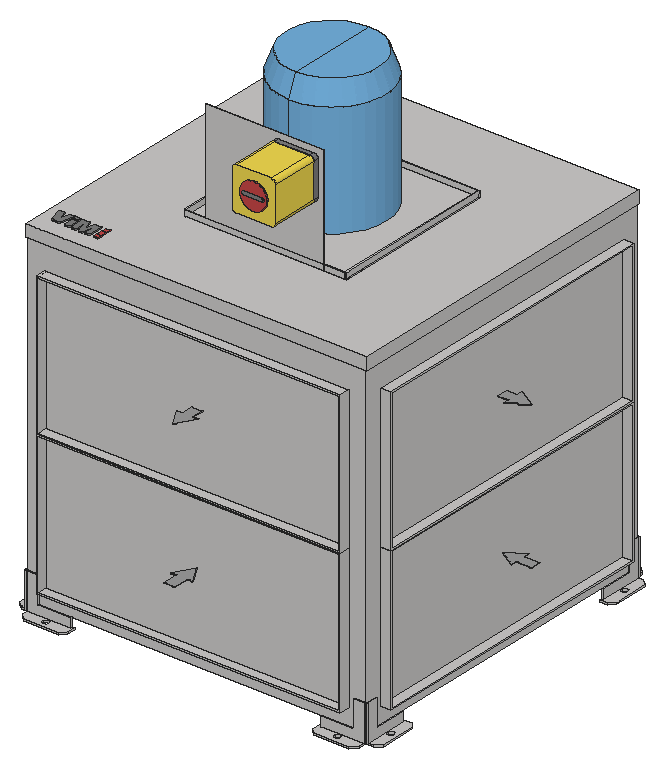
Revit family "BIM_KUBAIR F400 CC INTZ Vertical", category Equipement de génie climatique, Revit 2016 (continued)
Types (75, lengths in mm): name | Tension_nominale | Puissance_electrique | Prof_INTZ | Position_A_equerre | Poids | Nombre_de_phases | Modèle | L | H | GC | Debit_mini | Debit_maxi | D | Courant_nominal | Code_article | C | BVC | A
  KUBAIR F400 CC 500 4PT IE2 INTZ 1,5kW | 400 V | 1500 W | 120 | 175 | "114 Kg" | "3" | "KUBAIR F400 CC 500 4PT IE2 INTZ 1,5kW Caisson" | 351 | 402 | 62 | "1370 m³/h" | "8850 m³/h" | 768 | 3.26 A | "644665" | 338 | 784 | 858
  KUBAIR F400 CC 500 4PT IE3 INTZ 1,5kW | 400 V | 1500 W | 120 | 175 | "114 Kg" | "3" | "KUBAIR F400 CC 500 4PT IE3 INTZ 1,5kW Caisson" | 351 | 402 | 62 | "1370 m³/h" | "8850 m³/h" | 768 | 3.15 A | "644669" | 338 | 784 | 858
  KUBAIR F400 CC 500 6PT IE1 INTZ 0,55kW | 400 V | 550 W | 120 | 175 | "114 Kg" | "3" | "KUBAIR F400 CC 500 6PT IE1 INTZ 0,55kW Caisson" | 351 | 402 | 62 | "920 m³/h" | "5960 m³/h" | 768 | 1.62 A | "644673" | 338 | 784 | 858
  KUBAIR F400 CC 500 6PT IE2 INTZ 0,55kW | 400 V | 550 W | 120 | 175 | "114 Kg" | "3" | "KUBAIR F400 CC 500 6PT IE2 INTZ 0,55kW Caisson" | 351 | 402 | 62 | "920 m³/h" | "5960 m³/h" | 768 | 1.49 A | "644677" | 338 | 784 | 858
  KUBAIR F400 CC 500 6PT IE3 INTZ 0,55kW | 400 V | 550 W | 120 | 175 | "114 Kg" | "3" | "KUBAIR F400 CC 500 6PT IE3 INTZ 0,55kW Caisson" | 351 | 402 | 62 | "920 m³/h" | "5960 m³/h" | 768 | 1.45 A | "644681" | 338 | 784 | 858
  KUBAIR F400 CC 500 8PT IE1 INTZ 0,18kW | 400 V | 180 W | 120 | 175 | "114 Kg" | "3" | "KUBAIR F400 CC 500 8PT IE1 INTZ 0,18kW Caisson" | 351 | 402 | 62 | "660 m³/h" | "4280 m³/h" | 768 | 0.86 A | "644685" | 338 | 784 | 858
  KUBAIR F400 CC 500 8PT IE2 INTZ 0,18kW | 400 V | 180 W | 120 | 175 | "114 Kg" | "3" | "KUBAIR F400 CC 500 8PT IE2 INTZ 0,18kW Caisson" | 351 | 402 | 62 | "660 m³/h" | "4280 m³/h" | 768 | 0.73 A | "644689" | 338 | 784 | 858
  KUBAIR F400 CC 500 8PT IE3 INTZ 0,18kW | 400 V | 180 W | 120 | 175 | "114 Kg" | "3" | "KUBAIR F400 CC 500 8PT IE3 INTZ 0,18kW Caisson" | 351 | 402 | 62 | "660 m³/h" | "4280 m³/h" | 768 | 0.68 A | "644693" | 338 | 784 | 858
  KUBAIR F400 CC 500 4/6PT INTZ 1,50/0,37kW | 400 V | 1500 W | 120 | 175 | "116 Kg" | "3" | "KUBAIR F400 CC 500 4/6PT INTZ 1,50/0,37kW Caisson" | 351 | 402 | 62 | "1370 m³/h" | "8850 m³/h" | 768 | 3.65 A | "644697" | 338 | 784 | 858
  KUBAIR F400 CC 500 4/8PT INTZ 1,60/0,40kW | 400 V | 1600 W | 120 | 175 | "116 Kg" | "3" | "KUBAIR F400 CC 500 4/8PT INTZ 1,60/0,40kW Caisson" | 351 | 402 | 62 | "1370 m³/h" | "8850 m³/h" | 768 | 3.85 A | "644701" | 338 | 784 | 858
  KUBAIR F400 CC 500 6/8PT INTZ 0,55/0,37kW | 400 V | 550 W | 120 | 175 | "116 Kg" | "3" | "KUBAIR F400 CC 500 6/8PT INTZ 0,55/0,37kW Caisson" | 351 | 402 | 62 | "920 m³/h" | "5960 m³/h" | 768 | 1.89 A | "644705" | 338 | 784 | 858
  KUBAIR F400 CC 560 4PT IE2 INTZ 2,2kW | 400 V | 2200 W | 120 | 213 | "159 Kg" | "3" | "KUBAIR F400 CC 560 4PT IE2 INTZ 2,2kW Caisson" | 351 | 419 | 62 | "1520 m³/h" | "11330 m³/h" | 864 | 4.8 A | "644709" | 354 | 817 | 954
  KUBAIR F400 CC 560 4PT IE3 INTZ 2,2kW | 400 V | 2200 W | 120 | 213 | "159 Kg" | "3" | "KUBAIR F400 CC 560 4PT IE3 INTZ 2,2kW Caisson" | 351 | 419 | 62 | "1520 m³/h" | "11330 m³/h" | 864 | 4.56 A | "644713" | 354 | 817 | 954
  KUBAIR F400 CC 560 6PT IE2 INTZ 0,75kW | 400 V | 750 W | 120 | 213 | "159 Kg" | "3" | "KUBAIR F400 CC 560 6PT IE2 INTZ 0,75kW Caisson" | 351 | 419 | 62 | "1020 m³/h" | "7630 m³/h" | 864 | 1.95 A | "644717" | 354 | 817 | 954
  KUBAIR F400 CC 560 6PT IE3 INTZ 0,75kW | 400 V | 750 W | 120 | 213 | "159 Kg" | "3" | "KUBAIR F400 CC 560 6PT IE3 INTZ 0,75kW Caisson" | 351 | 419 | 62 | "1020 m³/h" | "7630 m³/h" | 864 | 1.93 A | "644721" | 354 | 817 | 954
  KUBAIR F400 CC 560 8PT IE1 INTZ 0,37kW | 400 V | 370 W | 120 | 213 | "159 Kg" | "3" | "KUBAIR F400 CC 560 8PT IE1 INTZ 0,37kW Caisson" | 351 | 419 | 62 | "740 m³/h" | "5490 m³/h" | 864 | 1.45 A | "644725" | 354 | 817 | 954
  KUBAIR F400 CC 560 8PT IE2 INTZ 0,37kW | 400 V | 370 W | 120 | 213 | "159 Kg" | "3" | "KUBAIR F400 CC 560 8PT IE2 INTZ 0,37kW Caisson" | 351 | 419 | 62 | "740 m³/h" | "5490 m³/h" | 864 | 1.39 A | "644729" | 354 | 817 | 954
  KUBAIR F400 CC 560 8PT IE3 INTZ 0,37kW | 400 V | 370 W | 120 | 213 | "159 Kg" | "3" | "KUBAIR F400 CC 560 8PT IE3 INTZ 0,37kW Caisson" | 351 | 419 | 62 | "740 m³/h" | "5490 m³/h" | 864 | 1.31 A | "644733" | 354 | 817 | 954
  KUBAIR F400 CC 560 4/6PT INTZ 2,20/0,70kW | 400 V | 2200 W | 120 | 213 | "161 Kg" | "3" | "KUBAIR F400 CC 560 4/6PT INTZ 2,20/0,70kW Caisson" | 351 | 419 | 62 | "1520 m³/h" | "11330 m³/h" | 864 | 4.91 A | "644737" | 354 | 817 | 954
  KUBAIR F400 CC 560 4/8PT INTZ 2,20/0,55kW | 400 V | 2200 W | 120 | 213 | "161 Kg" | "3" | "KUBAIR F400 CC 560 4/8PT INTZ 2,20/0,55kW Caisson" | 351 | 419 | 62 | "1520 m³/h" | "11330 m³/h" | 864 | 4.84 A | "644741" | 354 | 817 | 954
  KUBAIR F400 CC 560 6/8PT INTZ 0,75/0,37kW | 400 V | 750 W | 120 | 213 | "161 Kg" | "3" | "KUBAIR F400 CC 560 6/8PT INTZ 0,75/0,37kW Caisson" | 351 | 419 | 62 | "1020 m³/h" | "7630 m³/h" | 864 | 2.42 A | "644745" | 354 | 817 | 954
  KUBAIR F400 CC 630 6PT IE2 INTZ 1,1kW | 400 V | 1100 W | 120 | 213 | "162 Kg" | "3" | "KUBAIR F400 CC 630 6PT IE2 INTZ 1,1kW Caisson" | 351 | 466 | 62 | "1150 m³/h" | "10000 m³/h" | 977 | 2.78 A | "644749" | 403 | 912 | 1066
  KUBAIR F400 CC 630 6PT IE3 INTZ 1,1kW | 400 V | 1100 W | 120 | 213 | "162 Kg" | "3" | "KUBAIR F400 CC 630 6PT IE3 INTZ 1,1kW Caisson" | 351 | 466 | 62 | "1150 m³/h" | "10000 m³/h" | 977 | 2.69 A | "644753" | 403 | 912 | 1066
  KUBAIR F400 CC 630 8PT IE1 INTZ 0,55kW | 400 V | 550 W | 120 | 213 | "163 Kg" | "3" | "KUBAIR F400 CC 630 8PT IE1 INTZ 0,55kW Caisson" | 351 | 466 | 62 | "860 m³/h" | "7270 m³/h" | 977 | 2.01 A | "644757" | 403 | 912 | 1066
  KUBAIR F400 CC 630 8PT IE2 INTZ 0,55kW | 400 V | 550 W | 120 | 213 | "163 Kg" | "3" | "KUBAIR F400 CC 630 8PT IE2 INTZ 0,55kW Caisson" | 351 | 466 | 62 | "860 m³/h" | "7270 m³/h" | 977 | 1.88 A | "644761" | 403 | 912 | 1066
  KUBAIR F400 CC 630 8PT IE3 INTZ 0,55kW | 400 V | 550 W | 120 | 213 | "163 Kg" | "3" | "KUBAIR F400 CC 630 8PT IE3 INTZ 0,55kW Caisson" | 351 | 466 | 62 | "860 m³/h" | "7270 m³/h" | 977 | 1.78 A | "644765" | 403 | 912 | 1066
  KUBAIR F400 CC 630 6/8PT INTZ 1,10/0,55kW | 400 V | 1100 W | 120 | 213 | "164 Kg" | "3" | "KUBAIR F400 CC 630 6/8PT INTZ 1,10/0,55kW Caisson" | 351 | 466 | 62 | "1150 m³/h" | "10000 m³/h" | 977 | 3.54 A | "644769" | 403 | 912 | 1066
  KUBAIR F400 CC 630 6/12PT INTZ 1,10/0,22kW | 400 V | 1100 W | 120 | 213 | "164 Kg" | "3" | "KUBAIR F400 CC 630 6/12PT INTZ 1,10/0,22kW Caisson" | 351 | 466 | 62 | "1150 m³/h" | "10000 m³/h" | 977 | 4 A | "644773" | 403 | 912 | 1066
  KUBAIR F400 CC 710 6PT IE2 INTZ 3,0kW | 400 V | 3000 W | 120 | 234 | "264 Kg" | "3" | "KUBAIR F400 CC 710 6PT IE2 INTZ 3,0kW Caisson" | 446 | 526 | 62 | "420 m³/h" | "18900 m³/h" | 1104 | 7.3 A | "644777" | 462 | 1032 | 1194
  KUBAIR F400 CC 710 6PT IE3 INTZ 3,0kW | 400 V | 3000 W | 120 | 234 | "264 Kg" | "3" | "KUBAIR F400 CC 710 6PT IE3 INTZ 3,0kW Caisson" | 446 | 526 | 62 | "420 m³/h" | "18900 m³/h" | 1104 | 6.91 A | "644781" | 462 | 1032 | 1194
  KUBAIR F400 CC 710 8PT IE1 INTZ 2,2kW | 400 V | 2200 W | 120 | 234 | "265 Kg" | "3" | "KUBAIR F400 CC 710 8PT IE1 INTZ 2,2kW Caisson" | 446 | 526 | 62 | "300 m³/h" | "13600 m³/h" | 1104 | 5.35 A | "644785" | 462 | 1032 | 1194
  KUBAIR F400 CC 710 8PT IE2 INTZ 2,2kW | 400 V | 2200 W | 120 | 234 | "265 Kg" | "3" | "KUBAIR F400 CC 710 8PT IE2 INTZ 2,2kW Caisson" | 446 | 526 | 62 | "300 m³/h" | "13600 m³/h" | 1104 | 5.44 A | "644789" | 462 | 1032 | 1194
  KUBAIR F400 CC 710 8PT IE3 INTZ 2,2kW | 400 V | 2200 W | 120 | 234 | "265 Kg" | "3" | "KUBAIR F400 CC 710 8PT IE3 INTZ 2,2kW Caisson" | 446 | 526 | 62 | "300 m³/h" | "13600 m³/h" | 1104 | 5.34 A | "644793" | 462 | 1032 | 1194
  KUBAIR F400 CC 710 6/8PT INTZ 3,00/0,75kW | 400 V | 3000 W | 120 | 234 | "266 Kg" | "3" | "KUBAIR F400 CC 710 6/8PT INTZ 3,00/0,75kW Caisson" | 446 | 526 | 62 | "420 m³/h" | "18900 m³/h" | 1104 | 8.04 A | "644797" | 462 | 1032 | 1194
  KUBAIR F400 CC 710 6/12PT INTZ 4,0/1,0kW | 400 V | 4000 W | 120 | 234 | "266 Kg" | "3" | "KUBAIR F400 CC 710 6/12PT INTZ 4,0/1,0kW Caisson" | 446 | 526 | 62 | "420 m³/h" | "18900 m³/h" | 1104 | 12.6 A | "644801" | 462 | 1032 | 1194
  KUBAIR F400 CC 800 6PT IE2 INTZ 4,0kW | 400 V | 4000 W | 120 | 234 | "307 Kg" | "3" | "KUBAIR F400 CC 800 6PT IE2 INTZ 4,0kW Caisson" | 446 | 552 | 62 | "660 m³/h" | "23390 m³/h" | 1248 | 9.46 A | "644805" | 488 | 1084 | 1338
  KUBAIR F400 CC 800 6PT IE3 INTZ 4,0kW | 400 V | 4000 W | 120 | 234 | "307 Kg" | "3" | "KUBAIR F400 CC 800 6PT IE3 INTZ 4,0kW Caisson" | 446 | 552 | 62 | "660 m³/h" | "23390 m³/h" | 1248 | 8.99 A | "644809" | 488 | 1084 | 1338
  KUBAIR F400 CC 800 8PT IE1 INTZ 2,2kW | 400 V | 2200 W | 120 | 234 | "308 Kg" | "3" | "KUBAIR F400 CC 800 8PT IE1 INTZ 2,2kW Caisson" | 446 | 552 | 62 | "480 m³/h" | "16910 m³/h" | 1248 | 5.35 A | "644813" | 488 | 1084 | 1338
  KUBAIR F400 CC 800 8PT IE2 INTZ 2,2kW | 400 V | 2200 W | 120 | 234 | "308 Kg" | "3" | "KUBAIR F400 CC 800 8PT IE2 INTZ 2,2kW Caisson" | 446 | 552 | 62 | "480 m³/h" | "16910 m³/h" | 1248 | 5.44 A | "644817" | 488 | 1084 | 1338
  KUBAIR F400 CC 800 8PT IE3 INTZ 2,2kW | 400 V | 2200 W | 120 | 234 | "308 Kg" | "3" | "KUBAIR F400 CC 800 8PT IE3 INTZ 2,2kW Caisson" | 446 | 552 | 62 | "480 m³/h" | "16910 m³/h" | 1248 | 5.34 A | "644821" | 488 | 1084 | 1338
  KUBAIR F400 CC 800 6/8PT INTZ 4,0/1,1kW | 400 V | 4000 W | 120 | 234 | "309 Kg" | "3" | "KUBAIR F400 CC 800 6/8PT INTZ 4,0/1,1kW Caisson" | 446 | 552 | 62 | "660 m³/h" | "23390 m³/h" | 1248 | 16.2 A | "644825" | 488 | 1084 | 1338
  KUBAIR F400 CC 800 6/12PT INTZ 4,0/1,0kW | 400 V | 4000 W | 120 | 234 | "309 Kg" | "3" | "KUBAIR F400 CC 800 6/12PT INTZ 4,0/1,0kW Caisson" | 446 | 552 | 62 | "660 m³/h" | "23390 m³/h" | 1248 | 12.6 A | "644829" | 488 | 1084 | 1338
